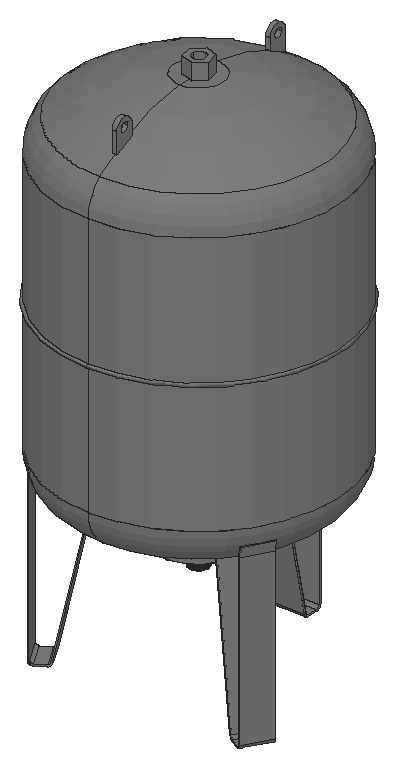
Revit family "MIT-80-ET (Vertical)", category Specialty Equipment, Revit 2022
Family settings
  Round Connector Dimension = Use Diameter
  Part Type = Normal
  Work Plane-Based = No
  Always vertical = Yes
  Cut with Voids When Loaded = No
  Maintain Annotation Orientation = No
  Shared = No
  Room Calculation Point = No
Parameters
  URL = "https://en.ekinendustriyel.com/expansion-tanks"
  Test Pressure = 15.0 bar
  Production Standard = "TS EN 13831"
  Precharge Pressure = 4.0 bar
  Operating Pressure = 10.0 bar
  Model = "MIT-80-ET_(Vertical)"
  Manufacturer = "Ekin Endüstriyel"
  Keynote = "Expension Tank"
  Description = "MIT-Expension Tank"
  Default Elevation = 0 mm
Reference planes
  plane 1 "Center (Front/Back)": y = 0
  plane 2: z = 0
  plane 3 "Center (Left/Right)": x = 0
Forms (mm)
  Revolve 1, solid, material "Ekin Endustriyel-S235JR", detail levels medium+fine
    sketch origin (0, -4770, 0) x (0, 1, 0) y (0, 0, 1)
      loop
        line (4770, 888.894) -> (4770, 887.694) -> (4810.082, 887.694)
        arc (4810.082, 887.694) -> (4897.028, 865.993) -> (4975.847, 823.354) r 357.555
        arc (4975.847, 823.354) -> (4992.8, 799.959) -> (4998.815, 771.7) r 69.733
        line (4998.815, 771.7) -> (4998.815, 333.524)
        arc (4998.815, 333.524) -> (4990.708, 300.996) -> (4968.283, 276.077) r 69.31
        arc (4968.283, 276.077) -> (4907.221, 243.333) -> (4840.809, 223.578) r 341.761
        arc (4840.809, 223.578) -> (4830.17, 217.26) -> (4818.885, 212.185) r 109.367
        line (4818.885, 212.185) -> (4770, 212.185) -> (4770, 210.985) -> (4819.107, 210.985)
        arc (4819.107, 210.985) -> (4830.515, 216.088) -> (4841.275, 222.445) r 110.567
        arc (4841.275, 222.445) -> (4907.792, 242.27) -> (4968.955, 275.082) r 342.961
        arc (4968.955, 275.082) -> (4991.768, 300.432) -> (5000.015, 333.524) r 70.51
        line (5000.015, 333.524) -> (5000.015, 549.564)
        arc (5000.015, 549.564) -> (5003.019, 552.565) -> (5000.015, 555.565) r 3
        line (5000.015, 555.565) -> (5000.015, 771.701)
        arc (5000.015, 771.701) -> (4993.883, 800.478) -> (4976.601, 824.291) r 70.933
        arc (4976.601, 824.291) -> (4897.46, 867.112) -> (4810.153, 888.894) r 358.755
        line (4810.153, 888.894) -> (4770, 888.894)
      axis (4770, 210.985) -> (4770, 888.894)
    angle from 0 to 360
  Extrusion 2, solid, material "Ekin Endustriyel-S235JR", detail levels coarse
    sketch origin (1330.053, -1405, 166.665) x (1, 0, 0) y (0, 1, 0)
      loop
        circle (-1330, 1405) r 73.5
    from 31 to 42.174
  Revolve 3, solid, material "Ekin Endustriyel-S235JR", detail levels fine
    sketch origin (1890.053, 0, 166.665) x (1, 0, 0) y (0, 0, 1)
      loop
        line (-1901.943, -11.826) -> (-1901.943, 31) -> (-1907.034, 31)
        arc (-1907.034, 31) -> (-1906.343, 30.575) -> (-1906.192, 29.778) r 1.003
        line (-1906.192, 29.778) -> (-1905.077, 28.872) -> (-1906.303, 27.876) -> (-1905.077, 26.88) -> (-1906.303, 25.883) -> (-1905.077, 24.887) -> (-1906.303, 23.891) -> (-1905.077, 22.895) -> (-1906.303, 21.898) -> (-1905.077, 20.902) -> (-1906.303, 19.906) -> (-1905.077, 18.91) -> (-1906.303, 17.914) -> (-1905.077, 16.917) -> (-1906.303, 15.921) -> (-1905.077, 14.925) -> (-1906.303, 13.929) -> (-1905.077, 12.932) -> (-1906.303, 11.936) -> (-1905.077, 10.94) -> (-1906.303, 9.944) -> (-1905.077, 8.948) -> (-1906.303, 7.951) -> (-1905.077, 6.955) -> (-1906.303, 5.959) -> (-1905.077, 4.963) -> (-1906.303, 3.966) -> (-1905.077, 2.97) -> (-1906.303, 1.974) -> (-1905.077, 0.978) -> (-1906.303, -0.018) -> (-1905.077, -1.015) -> (-1906.303, -2.011) -> (-1905.077, -3.007) -> (-1906.303, -4.003) -> (-1905.077, -5) -> (-1906.303, -5.996) -> (-1905.077, -6.992) -> (-1906.303, -7.988) -> (-1905.077, -8.984) -> (-1906.303, -9.981) -> (-1905.077, -10.977) -> (-1906.122, -11.826) -> (-1901.943, -11.826)
      axis (-1890, 31) -> (-1890, -11.826)
    angle from 0 to 360
  Extrusion 4, solid, material "Ekin Endustriyel-S235JR", detail levels fine
    sketch origin (1330.053, -1405, 197.665) x (0, 1, 0) y (1, 0, 0)
      loop
        line (1469.567, -1324.064) -> (1462.158, -1323.023) -> (1457.552, -1328.918) -> (1460.355, -1335.855) -> (1467.764, -1336.896) -> (1472.37, -1331.001) -> (1469.567, -1324.064)
      loop
        line (1342.236, -1323.023) -> (1337.63, -1328.918) -> (1340.433, -1335.855) -> (1347.842, -1336.896) -> (1352.448, -1331.001) -> (1349.645, -1324.064) -> (1342.236, -1323.023)
      loop
        line (1442.389, -1382.929) -> (1439.587, -1375.992) -> (1432.178, -1374.951) -> (1427.572, -1380.846) -> (1430.374, -1387.783) -> (1437.783, -1388.824) -> (1442.389, -1382.929)
      loop
        line (1379.626, -1272.136) -> (1372.217, -1271.095) -> (1367.611, -1276.991) -> (1370.413, -1283.927) -> (1377.822, -1284.969) -> (1382.428, -1279.073) -> (1379.626, -1272.136)
      loop
        line (1377.822, -1388.824) -> (1382.428, -1382.929) -> (1379.626, -1375.992) -> (1372.217, -1374.951) -> (1367.611, -1380.846) -> (1370.413, -1387.783) -> (1377.822, -1388.824)
      loop
        line (1442.389, -1279.073) -> (1439.587, -1272.136) -> (1432.178, -1271.095) -> (1427.572, -1276.991) -> (1430.374, -1283.927) -> (1437.783, -1284.969) -> (1442.389, -1279.073)
    from 0 to 5.3
  Extrusion 5, solid, material "Ekin Endustriyel-S235JR", detail levels fine
    sketch origin (1330.053, -1405, 208.839) x (1, 0, 0) y (0, 1, 0)
      loop
        circle (-1330, 1465) r 4.5
      loop
        circle (-1381.962, 1435) r 4.5
      loop
        circle (-1381.962, 1375) r 4.5
      loop
        circle (-1330, 1345) r 4.5
      loop
        circle (-1278.038, 1375) r 4.5
      loop
        circle (-1278.038, 1435) r 4.5
    from 0 to -11.174
  Extrusion 6, solid, material "Ekin Endustriyel-S235JR", detail levels medium
    sketch origin (1330.053, -1405.357, 197.665) x (0, 1, 0) y (1, 0, 0)
      loop
        circle (1405, -1330) r 16.3
      loop
        circle (1405, -1330) r 11.767
    from 42.826 to 0
  Extrusion 7, solid, material "Ekin Endustriyel-S235JR", detail levels coarse
    sketch origin (1330.053, -1405.357, 197.665) x (0, 1, 0) y (1, 0, 0)
      loop
        arc (1388.7, -1330) -> (1396.718, -1344.039) -> (1412.885, -1344.266) r 16.3
        arc (1412.885, -1344.266) -> (1413.282, -1315.961) -> (1388.7, -1330) r 16.3
    from 0 to 42.826
  Extrusion 8, solid, material "Ekin Endustriyel-S235JR", detail levels medium+fine
    sketch origin (1330.053, -2210, 197.665) x (0, 1, 0) y (1, 0, 0)
      loop
        circle (2210, -1330) r 73.5
      loop
        circle (2150, -1330) r 4.5
      loop
        circle (2180, -1278.038) r 4.5
      loop
        circle (2240, -1278.038) r 4.5
      loop
        circle (2270, -1330) r 4.5
      loop
        circle (2240, -1381.962) r 4.5
      loop
        circle (2180, -1381.962) r 4.5
      loop
        circle (2158.038, -1300) r 4.5
      loop
        circle (2210, -1270) r 4.5
      loop
        circle (2261.962, -1300) r 4.5
      loop
        circle (2261.962, -1360) r 4.5
      loop
        circle (2210, -1390) r 4.5
      loop
        circle (2158.038, -1360) r 4.5
    from 0 to -11.174
  Extrusion 9, solid, material "Ekin Endustriyel-S235JR", detail levels coarse
    sketch origin (3870, -4745, 42.174) x (0, 1, 0) y (-1, 0, 0)
      loop
        circle (4745, 3870) r 233
    from 166.665 to 846.72
  Extrusion 10, solid, material "Ekin Endustriyel-S235JR", detail levels medium+fine
    sketch origin (-1.636, -2.833, 0) x (0, 1, 0) y (0, 0, 1)
      loop
        line (228.262, 304.68) -> (226.299, 305.062) -> (222.827, 287.204) -> (222.827, 7)
        arc (222.827, 7) -> (221.363, 3.464) -> (217.827, 2) r 5
        line (217.827, 2) -> (198.496, 2)
        arc (198.496, 2) -> (195.349, 3.114) -> (193.605, 5.96) r 5
        line (193.605, 5.96) -> (143.258, 242.826) -> (141.302, 242.41) -> (191.653, 5.523)
        arc (191.653, 5.523) -> (194.086, 1.554) -> (198.474, 0) r 6.973
        line (198.474, 0) -> (217.871, 0)
        arc (217.871, 0) -> (222.79, 2.038) -> (224.827, 6.957) r 6.957
        line (224.827, 6.957) -> (224.827, 287.011) -> (228.262, 304.68)
    from -23.363 to 26.635
  Extrusion 11, solid, material "Ekin Endustriyel-S235JR", detail levels medium+fine
    sketch origin (-1.636, -2.833, 0) x (-0.866025, -0.5, 0) y (0, 0, 1)
      loop
        line (222.56, 304.68) -> (220.596, 305.062) -> (217.125, 287.204) -> (217.125, 7)
        arc (217.125, 7) -> (215.661, 3.464) -> (212.125, 2) r 5
        line (212.125, 2) -> (192.794, 2)
        arc (192.794, 2) -> (189.647, 3.114) -> (187.903, 5.96) r 5
        line (187.903, 5.96) -> (137.556, 242.826) -> (135.599, 242.41) -> (185.951, 5.523)
        arc (185.951, 5.523) -> (188.384, 1.554) -> (192.772, 0) r 6.973
        line (192.772, 0) -> (212.168, 0)
        arc (212.168, 0) -> (217.088, 2.038) -> (219.125, 6.957) r 6.957
        line (219.125, 6.957) -> (219.125, 287.011) -> (222.56, 304.68)
    from -23.363 to 26.635
  Extrusion 12, solid, material "Ekin Endustriyel-S235JR", detail levels medium+fine
    sketch origin (-1.636, -2.833, 0) x (0.866025, -0.5, 0) y (0, 0, 1)
      loop
        line (225.481, 304.68) -> (223.518, 305.062) -> (220.046, 287.204) -> (220.046, 7)
        arc (220.046, 7) -> (218.582, 3.464) -> (215.046, 2) r 5
        line (215.046, 2) -> (195.715, 2)
        arc (195.715, 2) -> (192.568, 3.114) -> (190.824, 5.96) r 5
        line (190.824, 5.96) -> (140.477, 242.826) -> (138.521, 242.41) -> (188.872, 5.523)
        arc (188.872, 5.523) -> (191.305, 1.554) -> (195.693, 0) r 6.973
        line (195.693, 0) -> (215.09, 0)
        arc (215.09, 0) -> (220.009, 2.038) -> (222.046, 6.957) r 6.957
        line (222.046, 6.957) -> (222.046, 287.011) -> (225.481, 304.68)
    from -23.363 to 26.635
  Extrusion 13, solid, material "Ekin Endustriyel-S235JR", detail levels coarse
    sketch origin (-1.636, -2.833, 0) x (0, 1, 0) y (0, 0, 1)
      loop
        line (224.827, 208.839) -> (148.437, 208.839) -> (191.653, 5.523)
        arc (191.653, 5.523) -> (194.086, 1.554) -> (198.474, 0) r 6.973
        line (198.474, 0) -> (217.871, 0)
        arc (217.871, 0) -> (222.79, 2.038) -> (224.827, 6.957) r 6.957
        line (224.827, 6.957) -> (224.827, 208.839)
    from -23.363 to 26.635
  Extrusion 14, solid, material "Ekin Endustriyel-S235JR", detail levels coarse
    sketch origin (-1.636, -2.833, 0) x (-0.866025, -0.5, 0) y (0, 0, 1)
      loop
        line (219.125, 208.839) -> (142.735, 208.839) -> (185.951, 5.523)
        arc (185.951, 5.523) -> (188.384, 1.554) -> (192.772, 0) r 6.973
        line (192.772, 0) -> (212.168, 0)
        arc (212.168, 0) -> (217.088, 2.038) -> (219.125, 6.957) r 6.957
        line (219.125, 6.957) -> (219.125, 208.839)
    from -23.363 to 26.635
  Extrusion 15, solid, material "Ekin Endustriyel-S235JR", detail levels coarse
    sketch origin (-1.636, -2.833, 0) x (0.866025, -0.5, 0) y (0, 0, 1)
      loop
        line (222.046, 208.839) -> (145.676, 208.839) -> (188.892, 5.523)
        arc (188.892, 5.523) -> (191.325, 1.554) -> (195.713, 0) r 6.973
        line (195.713, 0) -> (215.09, 0)
        arc (215.09, 0) -> (220.009, 2.038) -> (222.046, 6.957) r 6.957
        line (222.046, 6.957) -> (222.046, 208.839)
    from -23.363 to 26.635
  Extrusion 16, solid, material "Ekin Endustriyel-S235JR", detail levels fine
    sketch origin (0.852, -1700, 0) x (0, 1, 0) y (0, 0, 1)
      loop
        line (1874.966, 844.633) -> (1874.966, 879.856)
        arc (1874.966, 879.856) -> (1859.966, 894.856) -> (1844.966, 879.856) r 15
        line (1844.966, 879.856) -> (1844.966, 860.014)
        arc (1844.966, 860.014) -> (1860.179, 852.737) -> (1874.966, 844.633) r 305.88
      loop
        circle (1860.045, 879.934) r 8.012
      loop
        arc (1525.034, 844.633) -> (1539.821, 852.737) -> (1555.034, 860.014) r 305.88
        line (1555.034, 860.014) -> (1555.034, 879.856)
        arc (1555.034, 879.856) -> (1540.034, 894.856) -> (1525.034, 879.856) r 15
        line (1525.034, 879.856) -> (1525.034, 844.633)
      loop
        circle (1539.955, 879.934) r 8.012
    from -4.668 to 2.964
  Extrusion 17, solid, material "Ekin Endustriyel-S235JR", detail levels medium+fine
    sketch origin (3870, -4745, 891.713) x (0, 1, 0) y (-1, 0, 0)
      loop
        circle (4745.469, 3869.844) r 11
      loop
        line (4730.56, 3886.032) -> (4723.995, 3865.027) -> (4738.903, 3848.838) -> (4760.377, 3853.655) -> (4766.943, 3874.661) -> (4752.034, 3890.849) -> (4730.56, 3886.032)
    from -2.819 to 23
  Extrusion 18, solid, material "Ekin Endustriyel-S235JR", detail levels coarse
    sketch origin (3870, -4745, 891.713) x (0, 1, 0) y (-1, 0, 0)
      loop
        line (4730.56, 3886.032) -> (4723.995, 3865.027) -> (4738.903, 3848.838) -> (4760.377, 3853.655) -> (4766.943, 3874.661) -> (4752.034, 3890.849) -> (4730.56, 3886.032)
    from -2.819 to 23
Cuts and joins
  joined: Extrusion 4, Extrusion 5
Dimensions and locks
  aligned and locked: level to plane 2
Connectors
  piping at (0.053, -0.357, 154.839), diameter 25.4
    settings: on Extrusion 6, index 1, connector inside diameter 609.6 mm, connector length 0 mm, flow factor 0, pipe flow 0.0 L/s, pressure drop 0.0 Pa, fitting loss kfactor 0, connector angle 0.00°, fixture units 0, engagement length 0 mm, angle of deflection 0.00°, flow configuration 0, flow direction 0, fitting loss method 0, system type 7, joint type 0, gender type 0, connector reference index -1, connector utility 0, adjustable connector no, is connector primary yes, connector description ""
